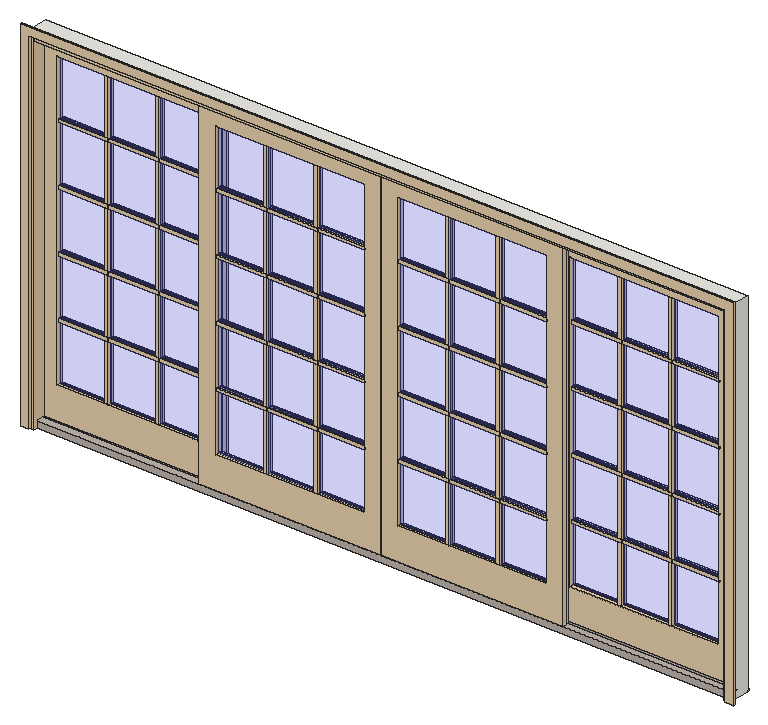
Revit family "2Door-Gliding-Andersen-400_Series-Quad", category Doors, host Wall, Revit 2013 (continued)
Automatic sketch dimensions
  Sweep 29 sketch curve to plane 10 "Flange" = 0' - 1.65106"
  Sweep 30 sketch curve to level = 0' - 0"
  Sweep 8 to Split face 5 sketch curve = 0' - 0"  (x2)
  Split face 6 sketch curve to Sweep 8 = 0' - 0"
  Sweep 8 to Split face 6 sketch curve = 0' - 0"
  Split face 7 sketch curve to Sweep 8 = 0' - 0"  (x2)
  Split face 4 sketch curve to cut or joined group of Sweep 7, Sweep 16 = 0' - 0"  (x2)
  curve 18 to plane 10 "Flange" = 0' - 0"
  plane 46 "B Panel" to curve 8 = 0' - 0"
  curve 8 to plane 58 "Sill Exterior" = 0' - 0"
  plane 30 "T Casing 2" to curve 1 = 0' - 0"
  curve 3 to plane 11 "Frame S1" = 0' - 0"
  curve 6 to plane 11 "Frame S1" = 0' - 0"
  curve 9 to plane 11 "Frame S1" = 0' - 0"
  curve 7 to level = 0' - 0"
  plane 47 "B Glazing" to curve 101 = 0' - 0"
  plane 47 "B Glazing" to curve 104 = 0' - 0"
  plane 47 "B Glazing" to curve 102 = 0' - 0"
  plane 47 "B Glazing" to curve 103 = 0' - 0"
  plane 48 "T Glazing" to curve 104 = 0' - 0"
  plane 48 "T Glazing" to curve 102 = 0' - 0"
  plane 48 "T Glazing" to curve 101 = 0' - 0"
  plane 48 "T Glazing" to curve 103 = 0' - 0"
  curve 11 to level = 0' - 0"
  plane 59 "L Stop" to curve 11 = 0' - 0"
  curve 12 to level = 0' - 0"
  plane 60 "R Stop" to curve 12 = 0' - 0"
Nested families (in)
  nested 1: "Andersen Grille Bar" at (-69.07031, 0.17225, 50.25) x (0, 0, 1) z (0, 1, 0), Bar Width <- "Grille Bar Size", Bar Length <- "H DLO", visible <- "TS S H Craftsman", type "Andersen Grille Bar"
    with Glass / 2 0' - 0 3/16", Glass 0' - 0 3/4", Center Line Length 3' - 4 15/64", Center Line 2, Bar Width 0' - 0 7/8", Bar Length 3' - 4 15/64"
  nested 2: "Andersen Grille Bar" at (-69.09375, 0.17225, 50.25) x (-1, 0, 0) z (0, 1, 0), Bar Width <- "Grille Bar Size", Bar Length <- "TS V Bar Length", visible <- "TS S V", type "Andersen Grille Bar"
    with Glass / 2 0' - 0 3/16", Glass 0' - 0 3/4", Center Line Length 6' - 7 3/8", Center Line 2, Bar Width 0' - 0 7/8", Bar Length 6' - 7 3/8"
  nested 3: "Andersen Grille Bar" at (-24.5, -2.21241, 50.25) x (-1, 0, 0) z (0, 1, 0), Bar Width <- "Grille Bar Size", Bar Length <- "TS V Bar Length", visible <- "TS S V", type "Andersen Grille Bar"
    with Glass / 2 0' - 0 3/16", Glass 0' - 0 3/4", Center Line Length 6' - 7 3/8", Center Line 2, Bar Width 0' - 0 7/8", Bar Length 6' - 7 3/8"
  nested 4: "Andersen Grille Bar" at (-75.92187, 0.17225, 50.25) x (-1, 0, 0) z (0, 1, 0), Bar Width <- "Grille Bar Size", Bar Length <- "TS V Bar Length", visible <- "TS M V", type "Andersen Grille Bar"
    with Glass / 2 0' - 0 3/16", Glass 0' - 0 3/4", Center Line Length 6' - 7 3/8", Center Line 2, Bar Width 0' - 0 7/8", Bar Length 6' - 7 3/8"
  nested 5: "Andersen Grille Bar" at (-17.70312, -2.21241, 50.25) x (-1, 0, 0) z (0, 1, 0), Bar Width <- "Grille Bar Size", Bar Length <- "TS V Bar Length", visible <- "TS M V", type "Andersen Grille Bar"
    with Glass / 2 0' - 0 3/16", Glass 0' - 0 3/4", Center Line Length 6' - 7 3/8", Center Line 2, Bar Width 0' - 0 7/8", Bar Length 6' - 7 3/8"
  nested 6: "Andersen Grille Bar" at (-31.29687, -2.21241, 50.25) x (-1, 0, 0) z (0, 1, 0), Bar Width <- "Grille Bar Size", Bar Length <- "TS V Bar Length", visible <- "TS M V", type "Andersen Grille Bar"
    with Glass / 2 0' - 0 3/16", Glass 0' - 0 3/4", Center Line Length 6' - 7 3/8", Center Line 2, Bar Width 0' - 0 7/8", Bar Length 6' - 7 3/8"
  nested 7: "Andersen Grille Bar" at (-24.55469, -2.21241, 50.25) x (0, 0, 1) z (0, 1, 0), Bar Width <- "Grille Bar Size", Bar Length <- "H DLO", visible <- "TS S H", type "Andersen Grille Bar"
    with Glass / 2 0' - 0 3/16", Glass 0' - 0 3/4", Center Line Length 3' - 4 15/64", Center Line 2, Bar Width 0' - 0 7/8", Bar Length 3' - 4 15/64"
  nested 8: "Andersen Grille Bar" at (-24.55469, -2.21241, 74.325) x (0, 0, 1) z (0, 1, 0), Bar Width <- "Grille Bar Size", Bar Length <- "H DLO", visible <- "TS M H", type "Andersen Grille Bar"
    with Glass / 2 0' - 0 3/16", Glass 0' - 0 3/4", Center Line Length 3' - 4 15/64", Center Line 2, Bar Width 0' - 0 7/8", Bar Length 3' - 4 15/64"
  nested 9: "Andersen Grille Bar" at (-24.55469, -2.21241, 26.175) x (0, 0, 1) z (0, 1, 0), Bar Width <- "Grille Bar Size", Bar Length <- "H DLO", visible <- "TS M H", type "Andersen Grille Bar"
    with Glass / 2 0' - 0 3/16", Glass 0' - 0 3/4", Center Line Length 3' - 4 15/64", Center Line 2, Bar Width 0' - 0 7/8", Bar Length 3' - 4 15/64"
  nested 10: "Andersen Grille Bar" at (24.4995, -2.21241, 50.25) x (-1, 0, 0) z (0, 1, 0), Bar Width <- "Grille Bar Size", Bar Length <- "TS V Bar Length", visible <- "TS S V", type "Andersen Grille Bar"
    with Glass / 2 0' - 0 3/16", Glass 0' - 0 3/4", Center Line Length 6' - 7 3/8", Center Line 2, Bar Width 0' - 0 7/8", Bar Length 6' - 7 3/8"
  nested 11: "Andersen Grille Bar" at (31.29637, -2.21241, 50.25) x (-1, 0, 0) z (0, 1, 0), Bar Width <- "Grille Bar Size", Bar Length <- "TS V Bar Length", visible <- "TS M V", type "Andersen Grille Bar"
    with Glass / 2 0' - 0 3/16", Glass 0' - 0 3/4", Center Line Length 6' - 7 3/8", Center Line 2, Bar Width 0' - 0 7/8", Bar Length 6' - 7 3/8"
  nested 12: "Andersen Grille Bar" at (17.70262, -2.21241, 50.25) x (-1, 0, 0) z (0, 1, 0), Bar Width <- "Grille Bar Size", Bar Length <- "TS V Bar Length", visible <- "TS M V", type "Andersen Grille Bar"
    with Glass / 2 0' - 0 3/16", Glass 0' - 0 3/4", Center Line Length 6' - 7 3/8", Center Line 2, Bar Width 0' - 0 7/8", Bar Length 6' - 7 3/8"
  nested 13: "Andersen Grille Bar" at (24.44481, -2.21241, 50.25) x (0, 0, 1) z (0, 1, 0), Bar Width <- "Grille Bar Size", Bar Length <- "H DLO", visible <- "TS S H", type "Andersen Grille Bar"
    with Glass / 2 0' - 0 3/16", Glass 0' - 0 3/4", Center Line Length 3' - 4 15/64", Center Line 2, Bar Width 0' - 0 7/8", Bar Length 3' - 4 15/64"
  nested 14: "Andersen Grille Bar" at (24.44481, -2.21241, 74.325) x (0, 0, 1) z (0, 1, 0), Bar Width <- "Grille Bar Size", Bar Length <- "H DLO", visible <- "TS M H", type "Andersen Grille Bar"
    with Glass / 2 0' - 0 3/16", Glass 0' - 0 3/4", Center Line Length 3' - 4 15/64", Center Line 2, Bar Width 0' - 0 7/8", Bar Length 3' - 4 15/64"
  nested 15: "Andersen Grille Bar" at (24.44481, -2.21241, 26.175) x (0, 0, 1) z (0, 1, 0), Bar Width <- "Grille Bar Size", Bar Length <- "H DLO", visible <- "TS M H", type "Andersen Grille Bar"
    with Glass / 2 0' - 0 3/16", Glass 0' - 0 3/4", Center Line Length 3' - 4 15/64", Center Line 2, Bar Width 0' - 0 7/8", Bar Length 3' - 4 15/64"
  nested 16: "Andersen Grille Bar" at (69.0935, 0.17225, 50.25) x (-1, 0, 0) z (0, 1, 0), Bar Width <- "Grille Bar Size", Bar Length <- "TS V Bar Length", visible <- "TS S V", type "Andersen Grille Bar"
    with Glass / 2 0' - 0 3/16", Glass 0' - 0 3/4", Center Line Length 6' - 7 3/8", Center Line 2, Bar Width 0' - 0 7/8", Bar Length 6' - 7 3/8"
  nested 17: "Andersen Grille Bar" at (75.92187, 0.17225, 50.25) x (-1, 0, 0) z (0, 1, 0), Bar Width <- "Grille Bar Size", Bar Length <- "TS V Bar Length", visible <- "TS M V", type "Andersen Grille Bar"
    with Glass / 2 0' - 0 3/16", Glass 0' - 0 3/4", Center Line Length 6' - 7 3/8", Center Line 2, Bar Width 0' - 0 7/8", Bar Length 6' - 7 3/8"
  nested 18: "Andersen Grille Bar" at (62.26512, 0.17225, 50.25) x (-1, 0, 0) z (0, 1, 0), Bar Width <- "Grille Bar Size", Bar Length <- "TS V Bar Length", visible <- "TS M V", type "Andersen Grille Bar"
    with Glass / 2 0' - 0 3/16", Glass 0' - 0 3/4", Center Line Length 6' - 7 3/8", Center Line 2, Bar Width 0' - 0 7/8", Bar Length 6' - 7 3/8"
  nested 19: "Andersen Grille Bar" at (69.07031, 0.17225, 50.25) x (0, 0, 1) z (0, 1, 0), Bar Width <- "Grille Bar Size", Bar Length <- "H DLO", visible <- "TS S H", type "Andersen Grille Bar"
    with Glass / 2 0' - 0 3/16", Glass 0' - 0 3/4", Center Line Length 3' - 4 15/64", Center Line 2, Bar Width 0' - 0 7/8", Bar Length 3' - 4 15/64"
  nested 20: "Andersen Grille Bar" at (69.07031, 0.17225, 74.325) x (0, 0, 1) z (0, 1, 0), Bar Width <- "Grille Bar Size", Bar Length <- "H DLO", visible <- "TS M H", type "Andersen Grille Bar"
    with Glass / 2 0' - 0 3/16", Glass 0' - 0 3/4", Center Line Length 3' - 4 15/64", Center Line 2, Bar Width 0' - 0 7/8", Bar Length 3' - 4 15/64"
  nested 21: "Andersen Grille Bar" at (69.07031, 0.17225, 26.175) x (0, 0, 1) z (0, 1, 0), Bar Width <- "Grille Bar Size", Bar Length <- "H DLO", visible <- "TS M H", type "Andersen Grille Bar"
    with Glass / 2 0' - 0 3/16", Glass 0' - 0 3/4", Center Line Length 3' - 4 15/64", Center Line 2, Bar Width 0' - 0 7/8", Bar Length 3' - 4 15/64"
  nested 22: "Andersen Grille Bar" at (-24.55469, -2.21241, 50.25) x (0, 0, 1) z (0, 1, 0), Bar Width <- "Grille Bar Size", Bar Length <- "H DLO", visible <- "TS S H Craftsman", type "Andersen Grille Bar"
    with Glass / 2 0' - 0 3/16", Glass 0' - 0 3/4", Center Line Length 3' - 4 15/64", Center Line 2, Bar Width 0' - 0 7/8", Bar Length 3' - 4 15/64"
  nested 23: "Andersen Grille Bar" at (24.44481, -2.21241, 50.25) x (0, 0, 1) z (0, 1, 0), Bar Width <- "Grille Bar Size", Bar Length <- "H DLO", visible <- "TS S H Craftsman", type "Andersen Grille Bar"
    with Glass / 2 0' - 0 3/16", Glass 0' - 0 3/4", Center Line Length 3' - 4 15/64", Center Line 2, Bar Width 0' - 0 7/8", Bar Length 3' - 4 15/64"
  nested 24: "Andersen Grille Bar" at (69.07031, 0.17225, 50.25) x (0, 0, 1) z (0, 1, 0), Bar Width <- "Grille Bar Size", Bar Length <- "H DLO", visible <- "TS S H Craftsman", type "Andersen Grille Bar"
    with Glass / 2 0' - 0 3/16", Glass 0' - 0 3/4", Center Line Length 3' - 4 15/64", Center Line 2, Bar Width 0' - 0 7/8", Bar Length 3' - 4 15/64"
  nested 25: "Andersen Grille Bar" at (-62.26562, 0.17225, 50.25) x (-1, 0, 0) z (0, 1, 0), Bar Width <- "Grille Bar Size", Bar Length <- "TS V Bar Length", visible <- "TS M V", type "Andersen Grille Bar"
    with Glass / 2 0' - 0 3/16", Glass 0' - 0 3/4", Center Line Length 6' - 7 3/8", Center Line 2, Bar Width 0' - 0 7/8", Bar Length 6' - 7 3/8"
  nested 26: "Andersen Grille Bar" at (-69.07031, 0.17225, 50.25) x (0, 0, 1) z (0, 1, 0), Bar Width <- "Grille Bar Size", Bar Length <- "H DLO", visible <- "TS S H", type "Andersen Grille Bar"
    with Glass / 2 0' - 0 3/16", Glass 0' - 0 3/4", Center Line Length 3' - 4 15/64", Center Line 2, Bar Width 0' - 0 7/8", Bar Length 3' - 4 15/64"
  nested 27: "Andersen Grille Bar" at (-69.07031, 0.17225, 74.325) x (0, 0, 1) z (0, 1, 0), Bar Width <- "Grille Bar Size", Bar Length <- "H DLO", visible <- "TS M H", type "Andersen Grille Bar"
    with Glass / 2 0' - 0 3/16", Glass 0' - 0 3/4", Center Line Length 3' - 4 15/64", Center Line 2, Bar Width 0' - 0 7/8", Bar Length 3' - 4 15/64"
  nested 28: "Andersen Grille Bar" at (-69.07031, 0.17225, 26.175) x (0, 0, 1) z (0, 1, 0), Bar Width <- "Grille Bar Size", Bar Length <- "H DLO", visible <- "TS M H", type "Andersen Grille Bar"
    with Glass / 2 0' - 0 3/16", Glass 0' - 0 3/4", Center Line Length 3' - 4 15/64", Center Line 2, Bar Width 0' - 0 7/8", Bar Length 3' - 4 15/64"
  nested 29: "Andersen Grille Bar" at (-69.07031, 0.17225, 58.275) x (0, 0, 1) z (0, 1, 0), Bar Width <- "Grille Bar Size", Bar Length <- "H DLO", visible <- "TS M H", type "Andersen Grille Bar"
    with Glass / 2 0' - 0 3/16", Glass 0' - 0 3/4", Center Line Length 3' - 4 15/64", Center Line 2, Bar Width 0' - 0 7/8", Bar Length 3' - 4 15/64"
  nested 30: "Andersen Grille Bar" at (-69.07031, 0.17225, 42.225) x (0, 0, 1) z (0, 1, 0), Bar Width <- "Grille Bar Size", Bar Length <- "H DLO", visible <- "TS M H", type "Andersen Grille Bar"
    with Glass / 2 0' - 0 3/16", Glass 0' - 0 3/4", Center Line Length 3' - 4 15/64", Center Line 2, Bar Width 0' - 0 7/8", Bar Length 3' - 4 15/64"
  nested 31: "Andersen Grille Bar" at (-24.55469, -2.21241, 58.275) x (0, 0, 1) z (0, 1, 0), Bar Width <- "Grille Bar Size", Bar Length <- "H DLO", visible <- "TS M H", type "Andersen Grille Bar"
    with Glass / 2 0' - 0 3/16", Glass 0' - 0 3/4", Center Line Length 3' - 4 15/64", Center Line 2, Bar Width 0' - 0 7/8", Bar Length 3' - 4 15/64"
  nested 32: "Andersen Grille Bar" at (-24.55469, -2.21241, 42.225) x (0, 0, 1) z (0, 1, 0), Bar Width <- "Grille Bar Size", Bar Length <- "H DLO", visible <- "TS M H", type "Andersen Grille Bar"
    with Glass / 2 0' - 0 3/16", Glass 0' - 0 3/4", Center Line Length 3' - 4 15/64", Center Line 2, Bar Width 0' - 0 7/8", Bar Length 3' - 4 15/64"
  nested 33: "Andersen Grille Bar" at (24.44481, -2.21241, 58.275) x (0, 0, 1) z (0, 1, 0), Bar Width <- "Grille Bar Size", Bar Length <- "H DLO", visible <- "TS M H", type "Andersen Grille Bar"
    with Glass / 2 0' - 0 3/16", Glass 0' - 0 3/4", Center Line Length 3' - 4 15/64", Center Line 2, Bar Width 0' - 0 7/8", Bar Length 3' - 4 15/64"
  nested 34: "Andersen Grille Bar" at (24.44481, -2.21241, 42.225) x (0, 0, 1) z (0, 1, 0), Bar Width <- "Grille Bar Size", Bar Length <- "H DLO", visible <- "TS M H", type "Andersen Grille Bar"
    with Glass / 2 0' - 0 3/16", Glass 0' - 0 3/4", Center Line Length 3' - 4 15/64", Center Line 2, Bar Width 0' - 0 7/8", Bar Length 3' - 4 15/64"
  nested 35: "Andersen Grille Bar" at (69.07031, 0.17225, 58.275) x (0, 0, 1) z (0, 1, 0), Bar Width <- "Grille Bar Size", Bar Length <- "H DLO", visible <- "TS M H", type "Andersen Grille Bar"
    with Glass / 2 0' - 0 3/16", Glass 0' - 0 3/4", Center Line Length 3' - 4 15/64", Center Line 2, Bar Width 0' - 0 7/8", Bar Length 3' - 4 15/64"
  nested 36: "Andersen Grille Bar" at (69.07031, 0.17225, 42.225) x (0, 0, 1) z (0, 1, 0), Bar Width <- "Grille Bar Size", Bar Length <- "H DLO", visible <- "TS M H", type "Andersen Grille Bar"
    with Glass / 2 0' - 0 3/16", Glass 0' - 0 3/4", Center Line Length 3' - 4 15/64", Center Line 2, Bar Width 0' - 0 7/8", Bar Length 3' - 4 15/64"
Definition of nested family "Andersen Grille Bar"
  Parameters (values of type "Andersen Grille Bar")
    Interior Bar Visibility = yes
    Interior Bar Material = none
    Glass / 2 [instance] = (Glass / 2) - 0' 0 3/16"  # 0' - 0 1/8"
    Glass [instance] = 0' - 0 5/8"
    Exterior Bar Visibility = yes
    Exterior Bar Finish = none
    Default Elevation = 4' - 0"
    Center Line Length [instance] = if(Center Line = 1, Bar Length + (Bar Width / 2), Bar Length)  # 0' - 4 7/16"
    Center Line [instance] = 1
    Between Glass Bar Visibility = yes
    Between Glass Bar Finish = none
    Bar Width [instance] = 0' - 0 7/8"
    Bar Length [instance] = 0' - 4"
  Reference planes (in)
    plane 1 "Center (Front/Back)": y = 0
    plane 2 "a": z = 0
    plane 3 "Center (Left/Right)": x = 0
    plane 4 "1": x = -0.4375
    plane 5 "2": x = 0.4375
    plane 6: y = 2
    plane 7: y = -2
    plane 8 "b": z = -0.625
    plane 9: z = -0.125
    plane 10: y = -2.4375
    plane 11 "a1": z = 12
    plane 12 "a2": z = -12
  Forms (in)
    Extrusion 1, solid
      sketch origin (0, 0, 0) x (1, 0, 0) y (0, 1, 0)
        loop
          line (-48, 48) -> (-48, -48) -> (48, -48) -> (48, 48) -> (-48, 48)
      from 0 to -12
    Extrusion 2, solid, material <- "Exterior Bar Finish", visible <- "Exterior Bar Visibility", detail levels fine
      sketch origin (0, 0, 0) x (1, 0, 0) y (0, 1, 0)
        loop
          line (-0.4375, 2) -> (-0.4375, -2) -> (0.4375, -2) -> (0.4375, 2) -> (-0.4375, 2)
      from 0 to 0.375
    Extrusion 3, solid, material <- "Between Glass Bar Finish", visible <- "Between Glass Bar Visibility", detail levels fine
      sketch origin (0, 0, 0) x (1, 0, 0) y (0, 1, 0)
        loop
          line (-0.4375, 2) -> (-0.4375, -2) -> (0.4375, -2) -> (0.4375, 2) -> (-0.4375, 2)
      from -0.5 to -0.125
    Extrusion 4, solid, material <- "Interior Bar Material", visible <- "Interior Bar Visibility", detail levels fine
      sketch origin (0, 0, 0) x (1, 0, 0) y (0, 1, 0)
        loop
          line (-0.4375, 2) -> (-0.4375, -2) -> (0.4375, -2) -> (0.4375, 2) -> (-0.4375, 2)
      from -1 to -0.625
  Lines and regions (in)
    model lines, style "GenericModel", detail levels coarse+medium
      curve 1: line (0, 2, 0) -> (0, -2.4375, 0)
    symbolic lines, style "GenericModel", detail levels coarse+medium
      curve 2: line (0, 2, 12) -> (0, -2.4375, 12)
      curve 3: line (0, 2, -12) -> (0, -2.4375, -12)
    model lines, style "InvisibleLines", not visible, detail levels coarse
      curve 4: line (0, 0, 12) -> (0, 0, -12)
    symbolic lines, detail levels fine
      curve 5: line (-0.4375, 2, 0) -> (-0.4375, -2, 0)
      curve 6: line (0.4375, 2, 0) -> (0.4375, -2, 0)
  Dimensions and locks (in)
    "Glass": plane 2 "a" to plane 8 "b"
    "Glass / 2": plane 2 "a" to plane 9
    locked: Extrusion 2 to Extrusion 2 at 0.375
    locked: plane 9 to Extrusion 3 at 0.375
    locked: plane 8 "b" to Extrusion 4 at 0.375
    equal spacing: plane 4 "1", plane 3 "Center (Left/Right)", plane 5 "2"
    equal spacing: plane 6, plane 1 "Center (Front/Back)", plane 7
    "Bar Width": plane 4 "1" to plane 5 "2"
    "Bar Length": plane 6 to plane 7
    "Center Line Length": plane 6 to plane 10
    locked: plane 11 "a1" to plane 2 "a" at 12
    locked: plane 2 "a" to plane 12 "a2" at 12
    aligned and locked: plane 2 "a" to Extrusion 1
    aligned and locked: level to Extrusion 1
    aligned and locked: Extrusion 2 to plane 2 "a"
    aligned and locked: Extrusion 2 to plane 4 "1"
    aligned and locked: plane 5 "2" to Extrusion 2
    aligned and locked: plane 6 to Extrusion 2
    aligned and locked: Extrusion 2 to plane 7
    aligned and locked: plane 9 to Extrusion 3
    aligned and locked: Extrusion 3 to plane 4 "1"
    aligned and locked: plane 5 "2" to Extrusion 3
    aligned and locked: plane 6 to Extrusion 3
    aligned and locked: Extrusion 3 to plane 7
    aligned and locked: plane 8 "b" to Extrusion 4
    aligned and locked: Extrusion 4 to plane 4 "1"
    aligned and locked: plane 5 "2" to Extrusion 4
    aligned and locked: plane 6 to Extrusion 4
    aligned and locked: Extrusion 4 to plane 7
    aligned and locked: plane 6 to curve 1
    aligned and locked: plane 10 to curve 1
    aligned and locked: curve 1 to plane 3 "Center (Left/Right)"
    aligned and locked: plane 6 to curve 2
    aligned and locked: plane 10 to curve 2
    aligned and locked: curve 2 to plane 3 "Center (Left/Right)"
    aligned and locked: plane 6 to curve 3
    aligned and locked: plane 10 to curve 3
    aligned and locked: curve 3 to plane 3 "Center (Left/Right)"
    aligned and locked: plane 11 "a1" to curve 4
    aligned and locked: plane 12 "a2" to curve 4
    aligned and locked: curve 4 to plane 1 "Center (Front/Back)"
    aligned and locked: plane 6 to curve 5
    aligned and locked: plane 6 to curve 6
    aligned and locked: plane 7 to curve 6
    aligned and locked: plane 7 to curve 5
    aligned and locked: curve 5 to plane 4 "1"
    aligned and locked: curve 6 to plane 5 "2"
  Automatic sketch dimensions
    Extrusion 1 sketch curve to Extrusion 1 sketch curve = 8' - 0"  (x2)
    plane 7 to Extrusion 2 sketch curve = 0' - 0"
    Extrusion 2 sketch curve to plane 5 "2" = 0' - 0 7/8"
    Extrusion 2 sketch curve to plane 6 = 0' - 0"
    Extrusion 2 sketch curve to Extrusion 2 sketch curve = 0' - 0 7/8"
    plane 7 to Extrusion 3 sketch curve = 0' - 0"
    Extrusion 3 sketch curve to plane 5 "2" = 0' - 0 7/8"
    Extrusion 3 sketch curve to plane 6 = 0' - 0"
    Extrusion 3 sketch curve to Extrusion 3 sketch curve = 0' - 0 7/8"
    Extrusion 4 sketch curve to plane 7 = 0' - 0"
    Extrusion 4 sketch curve to plane 5 "2" = 0' - 0 7/8"
    Extrusion 4 sketch curve to plane 6 = 0' - 0"
    Extrusion 4 sketch curve to Extrusion 4 sketch curve = 0' - 0 7/8"
Types (3): name | Rough Width | Rough Height | Masonry Width | Masonry Height | VGB DLO | TS V DLO | TS V Bar Length | TS SH DLO | TS HGB DLO | Panel Width | Panel Height | H DLO | Height | Width | Fractional Lights Wide | Designation | CTRL Height | BS V DLO | BS SH DLO
  15' 9" x 7' 11-1/2" | 15' - 9 1/2" | 8' - 0" | 15' - 9 1/2" | 8' - 0" | 1' - 0 53/64" | 6' - 7 3/8" | 6' - 7 3/8" | 3' - 9 1/4" | 1' - 3.175" | 4' - 1" | 7' - 8 3/8" | 3' - 4 15/64" | 7' - 11 1/2" | 15' - 9" | 4 | "FWG16080-4" | 7' - 11 1/2" | 6' - 7 3/8" | 4' - 2 1/4"
  11' 9" x 6' 10-3/8" | 11' - 9 1/2" | 6' - 10 7/8" | 11' - 9 1/2" | 6' - 10 7/8" | 0' - 8 53/64" | 5' - 6 1/4" | 5' - 6 1/4" | 3' - 2 11/16" | 1' - 0.55" | 3' - 1" | 6' - 7 1/4" | 2' - 4 15/64" | 6' - 10 3/8" | 11' - 9" | 3 | "FWG120611-4" | 6' - 10 3/8" | 5' - 6 1/4" | 3' - 7 11/16"
  9' 9" x 6' 7-1/2" | 9' - 9 1/2" | 6' - 8" | 9' - 9 1/2" | 6' - 8" | 0' - 6 53/64" | 5' - 3 3/8" | 5' - 3 3/8" | 3' - 1 1/4" | 0' - 11.975" | 2' - 7" | 6' - 4 3/8" | 1' - 10 15/64" | 6' - 7 1/2" | 9' - 9" | 3 | "FWG10068-4" | 6' - 7 1/2" | 5' - 3 3/8" | 3' - 6 1/4"
